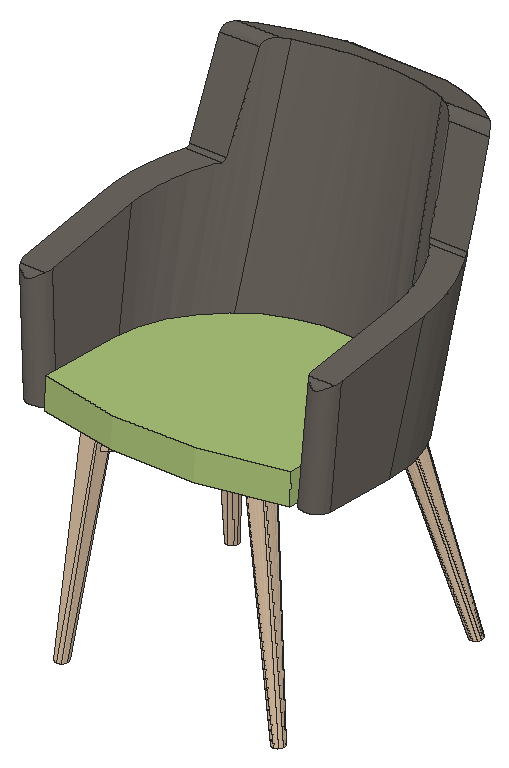
Revit family "FU_Chair_Sandler_Marka-2-5", category Furniture, Revit 2020
Family settings
  OmniClass Number = 23.40.20.00
  OmniClass Title = General Furniture and Specialties
  Work Plane-Based = No
  Always vertical = Yes
  Cut with Voids When Loaded = No
  Shared = No
  Room Calculation Point = No
Parameters (values of type "Marka 2.5")
  Width = 620 mm
  URL = "https://www.sandlerseating.com/product/marka-2-5/"
  Seat = Fabric - Manhattan - Ellis YI365
  Model = "Marka 2.5"
  Manufacturer = "Sandler"
  Height = 850 mm
  Frame = Wood - Beech - Chestnut Stained
  Description = "Side chair with upholstered seat and back on 4-legged wood frame."
  Depth = 580 mm
  Default Elevation = 0 mm
  Back = Leather - Sandler 147
Reference planes
  plane 1 "Center (Front/Back)": y = 0
  plane 2: z = 0
  plane 3 "Center (Left/Right)": x = 0
  plane 4 "Right": x = -310
  plane 5 "Left": x = 310
  plane 6 "Back": y = 290
  plane 7 "Front": y = -290
  plane 8 "Height": z = 850
  plane 9 "Seat height": z = 460
  plane 10 "Seat Frame Base RIGHT": through (4267.2, -185.32, 358.111) normal (0, 0.0432, 0.9991)
  plane 11 "Seat base": through (4267.2, -229.459, 405.085) normal (0, 0.0432, 0.9991)
Forms (mm)
  Blend 1, solid, material "Wood - Beech - Chestnut Stained" <- "Frame"
    base sketch origin (0, 0, 0) x (1, 0, 0) y (0, 1, 0)
      loop
        arc (188.656, -238.685) -> (189.646, -243.112) -> (192.339, -246.764) r 11
        arc (192.339, -246.764) -> (195.88, -248.881) -> (199.953, -249.545) r 11
        arc (199.953, -249.545) -> (204.029, -248.642) -> (207.476, -246.285) r 11
        arc (207.476, -246.285) -> (209.781, -242.846) -> (210.653, -238.798) r 11
        arc (210.653, -238.798) -> (210.107, -235.12) -> (208.367, -231.833) r 11
        arc (208.367, -231.833) -> (204.495, -228.671) -> (199.624, -227.55) r 11
        arc (199.624, -227.55) -> (195.2, -228.492) -> (191.529, -231.135) r 11
        arc (191.529, -231.135) -> (189.375, -234.637) -> (188.656, -238.685) r 11
    top sketch origin (0, 0, 0) x (1, 0, 0) y (0, 1, 0)
      loop
        line (134.669, -233.903) -> (165.589, -231.681)
        arc (165.589, -231.681) -> (166.958, -230.996) -> (167.441, -229.543) r 2
        line (167.441, -229.543) -> (165.219, -198.623)
        arc (165.219, -198.623) -> (164.534, -197.254) -> (163.081, -196.771) r 2
        line (163.081, -196.771) -> (132.161, -198.993)
        arc (132.161, -198.993) -> (130.792, -199.679) -> (130.309, -201.131) r 2
        line (130.309, -201.131) -> (132.531, -232.052)
        arc (132.531, -232.052) -> (133.217, -233.42) -> (134.669, -233.903) r 2
    from 0 to 412.191
  Blend 2, solid, material "Wood - Beech - Chestnut Stained" <- "Frame"
    base sketch origin (0, 0, 0) x (-1, 0, 0) y (0, -1, 0)
      loop
        arc (188.656, 238.685) -> (189.375, 234.637) -> (191.529, 231.135) r 11
        arc (191.529, 231.135) -> (195.2, 228.492) -> (199.624, 227.55) r 11
        arc (199.624, 227.55) -> (204.495, 228.671) -> (208.367, 231.833) r 11
        arc (208.367, 231.833) -> (210.107, 235.12) -> (210.653, 238.798) r 11
        arc (210.653, 238.798) -> (209.781, 242.846) -> (207.476, 246.285) r 11
        arc (207.476, 246.285) -> (204.029, 248.642) -> (199.953, 249.545) r 11
        arc (199.953, 249.545) -> (195.88, 248.881) -> (192.339, 246.764) r 11
        arc (192.339, 246.764) -> (189.646, 243.112) -> (188.656, 238.685) r 11
    top sketch origin (0, 0, 0) x (-1, 0, 0) y (0, -1, 0)
      loop
        arc (134.669, 233.903) -> (133.217, 233.42) -> (132.531, 232.052) r 2
        line (132.531, 232.052) -> (130.309, 201.131)
        arc (130.309, 201.131) -> (130.792, 199.679) -> (132.161, 198.993) r 2
        line (132.161, 198.993) -> (163.081, 196.771)
        arc (163.081, 196.771) -> (164.534, 197.254) -> (165.219, 198.623) r 2
        line (165.219, 198.623) -> (167.441, 229.543)
        arc (167.441, 229.543) -> (166.958, 230.996) -> (165.589, 231.681) r 2
        line (165.589, 231.681) -> (134.669, 233.903)
    from 0 to 412.191
  Blend 3, solid, material "Wood - Beech - Chestnut Stained" <- "Frame"
    base sketch origin (0, 0, 0) x (-1, 0, 0) y (0, -1, 0)
      loop
        arc (214.129, -186.527) -> (215.119, -190.954) -> (217.812, -194.606) r 11
        arc (217.812, -194.606) -> (221.353, -196.724) -> (225.426, -197.388) r 11
        arc (225.426, -197.388) -> (229.503, -196.485) -> (232.949, -194.127) r 11
        arc (232.949, -194.127) -> (235.255, -190.688) -> (236.126, -186.641) r 11
        arc (236.126, -186.641) -> (235.58, -182.962) -> (233.84, -179.675) r 11
        arc (233.84, -179.675) -> (229.968, -176.513) -> (225.097, -175.392) r 11
        arc (225.097, -175.392) -> (220.673, -176.334) -> (217.003, -178.977) r 11
        arc (217.003, -178.977) -> (214.848, -182.479) -> (214.129, -186.527) r 11
    top sketch origin (0, 0, 0) x (-1, 0, 0) y (0, -1, 0)
      loop
        line (140.787, -106.511) -> (171.782, -107.061)
        arc (171.782, -107.061) -> (173.207, -106.501) -> (173.817, -105.097) r 2
        line (173.817, -105.097) -> (174.368, -74.102)
        arc (174.368, -74.102) -> (173.808, -72.678) -> (172.404, -72.067) r 2
        line (172.404, -72.067) -> (141.409, -71.516)
        arc (141.409, -71.516) -> (139.985, -72.077) -> (139.374, -73.48) r 2
        line (139.374, -73.48) -> (138.823, -104.475)
        arc (138.823, -104.475) -> (139.383, -105.9) -> (140.787, -106.511) r 2
    from 0 to 412.191
  Blend 4, solid, material "Wood - Beech - Chestnut Stained" <- "Frame"
    base sketch origin (0, 0, 0) x (1, 0, 0) y (0, 1, 0)
      loop
        arc (214.129, 186.527) -> (214.848, 182.479) -> (217.003, 178.977) r 11
        arc (217.003, 178.977) -> (220.673, 176.334) -> (225.097, 175.392) r 11
        arc (225.097, 175.392) -> (229.968, 176.513) -> (233.84, 179.675) r 11
        arc (233.84, 179.675) -> (235.58, 182.962) -> (236.126, 186.641) r 11
        arc (236.126, 186.641) -> (235.255, 190.688) -> (232.949, 194.127) r 11
        arc (232.949, 194.127) -> (229.503, 196.485) -> (225.426, 197.388) r 11
        arc (225.426, 197.388) -> (221.353, 196.724) -> (217.812, 194.606) r 11
        arc (217.812, 194.606) -> (215.119, 190.954) -> (214.129, 186.527) r 11
    top sketch origin (0, 0, 0) x (1, 0, 0) y (0, 1, 0)
      loop
        arc (140.787, 106.511) -> (139.383, 105.9) -> (138.823, 104.475) r 2
        line (138.823, 104.475) -> (139.374, 73.48)
        arc (139.374, 73.48) -> (139.985, 72.077) -> (141.409, 71.516) r 2
        line (141.409, 71.516) -> (172.404, 72.067)
        arc (172.404, 72.067) -> (173.808, 72.678) -> (174.368, 74.102) r 2
        line (174.368, 74.102) -> (173.817, 105.097)
        arc (173.817, 105.097) -> (173.207, 106.501) -> (171.782, 107.061) r 2
        line (171.782, 107.061) -> (140.787, 106.511)
    from 0 to 412.191
  Extrusion 5, solid, material "Wood - Beech - Chestnut Stained" <- "Frame"
    sketch origin (0, 15.113, 349.443) x (0, -0.999066, 0.043207) y (1, 0, 0)
      loop
        line (-94.133, -155.375) -> (-72.722, -176.786) -> (246.747, 142.684) -> (223.808, 162.566) -> (-94.133, -155.375)
    from 0 to 45.023
  Extrusion 6, solid, material "Wood - Beech - Chestnut Stained" <- "Frame"
    sketch origin (0, 15.113, 349.443) x (0, -0.999066, 0.043207) y (1, 0, 0)
      loop
        line (-94.133, 155.375) -> (223.808, -162.566) -> (246.747, -142.684) -> (-72.722, 176.786) -> (-94.133, 155.375)
    from 0 to 45.023
  Extrusion 7, solid, material "Wood - Beech - Chestnut Stained" <- "Frame"
    sketch origin (0, 15.113, 349.443) x (0, -0.999066, 0.043207) y (1, 0, 0)
      loop
        line (153.085, 77.679) -> (-1.915, 77.679) -> (-1.915, -77.957) -> (153.085, -77.957) -> (153.085, 77.679)
      loop
        line (114.194, 37.515) -> (39.194, 37.515) -> (39.194, -37.485) -> (114.194, -37.485) -> (114.194, 37.515)
    from 0 to 45.023
  Extrusion 8, solid, material "Fabric - Manhattan - Ellis YI365" <- "Seat"
    sketch origin (0, 17.058, 394.424) x (0, -0.999066, 0.043207) y (1, 0, 0)
      loop
        arc (262.802, -226.297) -> (298.069, 0) -> (262.802, 226.297) r 743.674
        line (262.802, 226.297) -> (99.281, 226.297)
        arc (99.281, 226.297) -> (-127.016, 0) -> (99.281, -226.297) r 226.297
        line (99.281, -226.297) -> (262.802, -226.297)
    from 0 to 56
  Blend 9, solid, material "Leather - Sandler 147" <- "Back"
    base sketch origin (0, 17.058, 394.424) x (0, -0.999066, 0.043207) y (1, 0, 0)
      loop
        line (234.278, -226.322) -> (99.278, -226.322)
        arc (99.278, -226.322) -> (8.081, -207.134) -> (-67.65, -152.822) r 226.309
        arc (-67.65, -152.822) -> (-127.031, -0.07) -> (-67.728, 152.712) r 226.309
        arc (-67.728, 152.712) -> (8.029, 207.085) -> (99.278, 226.297) r 226.309
        line (99.278, 226.297) -> (234.278, 226.297)
        arc (234.278, 226.297) -> (261.278, 253.322) -> (234.278, 280.322) r 27
        line (234.278, 280.322) -> (99.278, 280.322)
        arc (99.278, 280.322) -> (-14.988, 255.976) -> (-109.406, 187.166) r 280.322
        arc (-109.406, 187.166) -> (-181.044, 0.059) -> (-109.485, -187.079) r 280.322
        arc (-109.485, -187.079) -> (-15.042, -255.952) -> (99.278, -280.322) r 280.322
        line (99.278, -280.322) -> (234.278, -280.322)
        arc (234.278, -280.322) -> (261.278, -253.322) -> (234.278, -226.322) r 27
    top sketch origin (0, 17.058, 394.424) x (0, -0.999066, 0.043207) y (1, 0, 0)
      loop
        line (235.738, -255.853) -> (13.378, -255.853)
        arc (13.378, -255.853) -> (-100.416, -224.137) -> (-181.401, -138.133) r 220
        arc (-181.401, -138.133) -> (-215.463, 0) -> (-181.401, 138.133) r 297.117
        arc (-181.401, 138.133) -> (-100.416, 224.137) -> (13.378, 255.853) r 220
        line (13.378, 255.853) -> (235.738, 255.853)
        arc (235.738, 255.853) -> (262.738, 282.853) -> (235.738, 309.853) r 27
        line (235.738, 309.853) -> (5.127, 309.853)
        arc (5.127, 309.853) -> (-105.12, 283.646) -> (-191.782, 210.633) r 245
        arc (-191.782, 210.633) -> (-261.267, 0) -> (-191.782, -210.633) r 353.992
        arc (-191.782, -210.633) -> (-105.12, -283.646) -> (5.127, -309.853) r 245
        line (5.127, -309.853) -> (235.738, -309.853)
        arc (235.738, -309.853) -> (262.738, -282.853) -> (235.738, -255.853) r 27
    from 0 to 479.35
  Extrusion 10, void
    sketch origin (0, 0, 0) x (0, 1, 0) y (0, 0, 1)
      loop
        line (207.585, 850.236) -> (280.326, 833.435)
        arc (280.326, 833.435) -> (288.636, 826.479) -> (290, 815.729) r 14.836
        line (290, 815.729) -> (290, 735.729) -> (340, 735.729) -> (340, 895.729) -> (-290, 895.729) -> (-290, 362.638) -> (-249.593, 360.518) -> (-237.146, 597.77)
        arc (-237.146, 597.77) -> (-232.858, 610.802) -> (-220.911, 617.544) r 18.99
        line (-220.911, 617.544) -> (121.363, 667.269)
        arc (121.363, 667.269) -> (125.034, 670.238) -> (127.275, 674.394) r 12
        line (127.275, 674.394) -> (186.633, 835.596)
        arc (186.633, 835.596) -> (194.812, 846.204) -> (207.585, 850.236) r 22.37
    from -320 to 320
Cuts and joins
  joined: Extrusion 5, Extrusion 6, Extrusion 7
  Extrusion 10 cuts Blend 9
Dimensions and locks
  equal spacing: plane 4 "Right", plane 3 "Center (Left/Right)", plane 5 "Left"
  "Width": plane 4 "Right" to plane 5 "Left"
  equal spacing: plane 6 "Back", plane 1 "Center (Front/Back)", plane 7 "Front"
  "Depth": plane 6 "Back" to plane 7 "Front"
  "Height": plane 8 "Height" to level
  plane 9 "Seat height" to level = 460 mm
  aligned and locked: level to plane 2
Automatic sketch dimensions
  Blend 1 sketch curve to Blend 1 sketch curve = 0 mm  (x56)
  plane 7 "Front" to Blend 1 sketch curve = 51.45 mm
  plane 5 "Left" to Blend 1 sketch curve = 110.345 mm
  Blend 1 sketch curve to Blend 1 sketch curve = 0.032 mm
  Blend 1 sketch curve to Blend 1 sketch curve = 7.316 mm
  Blend 1 sketch curve to Blend 1 sketch curve = 8.094 mm
  Blend 1 sketch curve to Blend 1 sketch curve = 2.873 mm
  Blend 1 sketch curve to Blend 1 sketch curve = 7.614 mm
  Blend 1 sketch curve to Blend 1 sketch curve = 7.523 mm
  Blend 1 sketch curve to Blend 1 sketch curve = 8.743 mm
  Blend 1 sketch curve to Blend 1 sketch curve = 2.286 mm
  Blend 1 sketch curve to Blend 1 sketch curve = 0.136 mm
  plane 3 "Center (Left/Right)" to Blend 1 sketch curve = 130.309 mm
  Blend 1 sketch curve to Blend 1 sketch curve = 1.852 mm
  Blend 1 sketch curve to Blend 1 sketch curve = 0.143 mm  (x6)
  plane 7 "Front" to Blend 1 sketch curve = 57.948 mm
  Blend 1 sketch curve to Blend 1 sketch curve = 2.222 mm  (x2)
  Blend 1 sketch curve to Blend 1 sketch curve = 1.995 mm  (x3)
  plane 7 "Front" to Blend 1 sketch curve = 56.097 mm
  Blend 1 sketch curve to Blend 1 sketch curve = 30.92 mm  (x2)
  plane 7 "Front" to Blend 1 sketch curve = 91.377 mm
  plane 7 "Front" to Blend 1 sketch curve = 58.319 mm
  plane 7 "Front" to Blend 1 sketch curve = 60.457 mm
  Blend 2 sketch curve to Blend 2 sketch curve = 0 mm  (x56)
  Blend 2 sketch curve to plane 7 "Front" = 51.45 mm
  plane 4 "Right" to Blend 2 sketch curve = 110.345 mm
  Blend 2 sketch curve to Blend 2 sketch curve = 0.032 mm
  Blend 2 sketch curve to Blend 2 sketch curve = 7.316 mm
  Blend 2 sketch curve to Blend 2 sketch curve = 8.094 mm
  Blend 2 sketch curve to Blend 2 sketch curve = 2.873 mm
  Blend 2 sketch curve to Blend 2 sketch curve = 7.614 mm
  Blend 2 sketch curve to Blend 2 sketch curve = 7.523 mm
  Blend 2 sketch curve to Blend 2 sketch curve = 8.743 mm
  Blend 2 sketch curve to Blend 2 sketch curve = 2.286 mm
  Blend 2 sketch curve to Blend 2 sketch curve = 0.136 mm
  plane 3 "Center (Left/Right)" to Blend 2 sketch curve = 130.309 mm
  Blend 2 sketch curve to Blend 2 sketch curve = 1.852 mm
  Blend 2 sketch curve to Blend 2 sketch curve = 0.143 mm  (x6)
  Blend 2 sketch curve to plane 7 "Front" = 57.948 mm
  Blend 2 sketch curve to Blend 2 sketch curve = 2.222 mm  (x2)
  Blend 2 sketch curve to Blend 2 sketch curve = 1.995 mm  (x3)
  Blend 2 sketch curve to plane 7 "Front" = 56.097 mm
  Blend 2 sketch curve to Blend 2 sketch curve = 30.92 mm  (x2)
  Blend 2 sketch curve to plane 7 "Front" = 91.377 mm
  Blend 2 sketch curve to plane 7 "Front" = 58.319 mm
  Blend 2 sketch curve to plane 7 "Front" = 60.457 mm
  Blend 3 sketch curve to Blend 3 sketch curve = 0 mm  (x56)
  Blend 3 sketch curve to plane 4 "Right" = 84.872 mm
  Blend 3 sketch curve to plane 6 "Back" = 103.608 mm
  Blend 3 sketch curve to Blend 3 sketch curve = 0.032 mm
  Blend 3 sketch curve to Blend 3 sketch curve = 7.316 mm
  Blend 3 sketch curve to Blend 3 sketch curve = 8.094 mm
  Blend 3 sketch curve to Blend 3 sketch curve = 2.873 mm
  Blend 3 sketch curve to Blend 3 sketch curve = 7.614 mm
  Blend 3 sketch curve to Blend 3 sketch curve = 7.523 mm
  Blend 3 sketch curve to Blend 3 sketch curve = 8.743 mm
  Blend 3 sketch curve to Blend 3 sketch curve = 2.286 mm
  Blend 3 sketch curve to Blend 3 sketch curve = 0.136 mm
  Blend 3 sketch curve to plane 3 "Center (Left/Right)" = 138.823 mm
  Blend 3 sketch curve to Blend 3 sketch curve = 0.551 mm  (x2)
  Blend 3 sketch curve to Blend 3 sketch curve = 1.964 mm
  Blend 3 sketch curve to Blend 3 sketch curve = 0.036 mm  (x7)
  Blend 3 sketch curve to Blend 3 sketch curve = 2 mm  (x3)
  Blend 3 sketch curve to Blend 3 sketch curve = 30.995 mm  (x3)
  Blend 3 sketch curve to plane 1 "Center (Front/Back)" = 72.067 mm
  Blend 3 sketch curve to plane 1 "Center (Front/Back)" = 74.102 mm
  Blend 3 sketch curve to Blend 3 sketch curve = 30.409 mm
  Blend 4 sketch curve to Blend 4 sketch curve = 0 mm  (x56)
  Blend 4 sketch curve to plane 5 "Left" = 84.872 mm
  plane 6 "Back" to Blend 4 sketch curve = 103.608 mm
  Blend 4 sketch curve to Blend 4 sketch curve = 0.032 mm
  Blend 4 sketch curve to Blend 4 sketch curve = 7.316 mm
  Blend 4 sketch curve to Blend 4 sketch curve = 8.094 mm
  Blend 4 sketch curve to Blend 4 sketch curve = 2.873 mm
  Blend 4 sketch curve to Blend 4 sketch curve = 7.614 mm
  Blend 4 sketch curve to Blend 4 sketch curve = 7.523 mm
  Blend 4 sketch curve to Blend 4 sketch curve = 8.743 mm
  Blend 4 sketch curve to Blend 4 sketch curve = 2.286 mm
  Blend 4 sketch curve to Blend 4 sketch curve = 0.136 mm
  Blend 4 sketch curve to plane 3 "Center (Left/Right)" = 138.823 mm
  Blend 4 sketch curve to Blend 4 sketch curve = 0.551 mm  (x2)
  Blend 4 sketch curve to Blend 4 sketch curve = 1.964 mm
  Blend 4 sketch curve to Blend 4 sketch curve = 0.036 mm  (x7)
  Blend 4 sketch curve to Blend 4 sketch curve = 2 mm  (x3)
  Blend 4 sketch curve to Blend 4 sketch curve = 30.995 mm  (x3)
  plane 1 "Center (Front/Back)" to Blend 4 sketch curve = 72.067 mm
  plane 1 "Center (Front/Back)" to Blend 4 sketch curve = 74.102 mm
  Blend 4 sketch curve to Blend 4 sketch curve = 30.409 mm
  Extrusion 5 sketch curve to plane 4 "Right" = 154.625 mm
  Extrusion 5 sketch curve to plane 4 "Right" = 133.214 mm
  Extrusion 5 sketch curve to Extrusion 5 sketch curve = 21.411 mm
  plane 5 "Left" to Extrusion 5 sketch curve = 147.434 mm
  plane 3 "Center (Left/Right)" to Extrusion 5 sketch curve = 142.684 mm
  Extrusion 6 sketch curve to plane 5 "Left" = 154.625 mm
  Extrusion 6 sketch curve to plane 5 "Left" = 133.214 mm
  Extrusion 6 sketch curve to Extrusion 6 sketch curve = 21.411 mm
  plane 4 "Right" to Extrusion 6 sketch curve = 147.434 mm
  plane 3 "Center (Left/Right)" to Extrusion 6 sketch curve = 142.684 mm
  Extrusion 7 sketch curve to plane 3 "Center (Left/Right)" = 77.957 mm
  Extrusion 7 sketch curve to Extrusion 7 sketch curve = 41.109 mm
  Extrusion 7 sketch curve to Extrusion 7 sketch curve = 75 mm
  Extrusion 7 sketch curve to Extrusion 7 sketch curve = 38.891 mm
  Extrusion 7 sketch curve to plane 3 "Center (Left/Right)" = 37.485 mm
  plane 3 "Center (Left/Right)" to Extrusion 7 sketch curve = 37.515 mm
  Extrusion 7 sketch curve to Extrusion 7 sketch curve = 40.165 mm
  Extrusion 8 sketch curve to plane 3 "Center (Left/Right)" = 0 mm  (x2)
  Extrusion 8 sketch curve to Extrusion 8 sketch curve = 544.886 mm
  Extrusion 8 sketch curve to plane 4 "Right" = 83.703 mm
  Extrusion 8 sketch curve to Extrusion 8 sketch curve = 163.521 mm
  Blend 9 sketch curve to plane 3 "Center (Left/Right)" = 0 mm  (x3)
  plane 5 "Left" to Blend 9 sketch curve = 29.678 mm
  Blend 9 sketch curve to Blend 9 sketch curve = 0 mm  (x20)
  Blend 9 sketch curve to Blend 9 sketch curve = 135 mm  (x2)
  Blend 9 sketch curve to Blend 9 sketch curve = 27 mm
  Blend 9 sketch curve to plane 3 "Center (Left/Right)" = 0.013 mm
  Blend 9 sketch curve to Blend 9 sketch curve = 0.025 mm
  plane 5 "Left" to Blend 9 sketch curve = 0.147 mm
  Blend 9 sketch curve to plane 4 "Right" = 0.147 mm
  Blend 9 sketch curve to Blend 9 sketch curve = 8.251 mm  (x2)
  Blend 9 sketch curve to Blend 9 sketch curve = 11.071 mm
  Blend 9 sketch curve to Blend 9 sketch curve = 222.36 mm  (x2)
  Blend 9 sketch curve to plane 4 "Right" = 27.147 mm
  Blend 9 sketch curve to Blend 9 sketch curve = 29 mm  (x2)
  plane 3 "Center (Left/Right)" to Blend 9 sketch curve = 35.853 mm
  Blend 9 sketch curve to Blend 9 sketch curve = 10.381 mm
  Blend 9 sketch curve to plane 3 "Center (Left/Right)" = 152.822 mm
  Blend 9 sketch curve to Blend 9 sketch curve = 41.834 mm
  plane 3 "Center (Left/Right)" to Blend 9 sketch curve = 152.712 mm
  Blend 9 sketch curve to Blend 9 sketch curve = 41.678 mm
  Extrusion 10 sketch curve to plane 7 "Front" = 0 mm
  Extrusion 10 sketch curve to plane 6 "Back" = 0 mm
  Extrusion 10 sketch curve to plane 10 "Seat Frame Base RIGHT" = 0 mm
  plane 7 "Front" to Extrusion 10 sketch curve = 52.854 mm
  Extrusion 10 sketch curve to Extrusion 10 sketch curve = 16.235 mm
  Extrusion 10 sketch curve to Extrusion 10 sketch curve = 2.73 mm
  Extrusion 10 sketch curve to plane 1 "Center (Front/Back)" = 115.799 mm
  Extrusion 10 sketch curve to Extrusion 10 sketch curve = 5.563 mm
  Extrusion 10 sketch curve to Extrusion 10 sketch curve = 5.913 mm
  Extrusion 10 sketch curve to plane 8 "Height" = 14.404 mm
  Extrusion 10 sketch curve to plane 6 "Back" = 103.367 mm
  plane 8 "Height" to Extrusion 10 sketch curve = 0.236 mm
  Extrusion 10 sketch curve to Extrusion 10 sketch curve = 20.952 mm
  Extrusion 10 sketch curve to plane 8 "Height" = 22.133 mm
  Extrusion 10 sketch curve to plane 6 "Back" = 14.384 mm
  Extrusion 10 sketch curve to plane 6 "Back" = 9.674 mm
  plane 6 "Back" to Extrusion 10 sketch curve = 50 mm
  Extrusion 10 sketch curve to Extrusion 10 sketch curve = 0.981 mm
  Extrusion 10 sketch curve to Extrusion 10 sketch curve = 168.328 mm
  Extrusion 10 sketch curve to Extrusion 10 sketch curve = 7.125 mm
  Extrusion 10 sketch curve to plane 8 "Height" = 114.271 mm
  Extrusion 10 sketch curve to plane 8 "Height" = 34.271 mm
  Extrusion 10 sketch curve to Extrusion 10 sketch curve = 3.637 mm
  plane 8 "Height" to Extrusion 10 sketch curve = 45.729 mm
  plane 7 "Front" to Extrusion 10 sketch curve = 40.407 mm
  Extrusion 10 sketch curve to Extrusion 10 sketch curve = 2.12 mm
